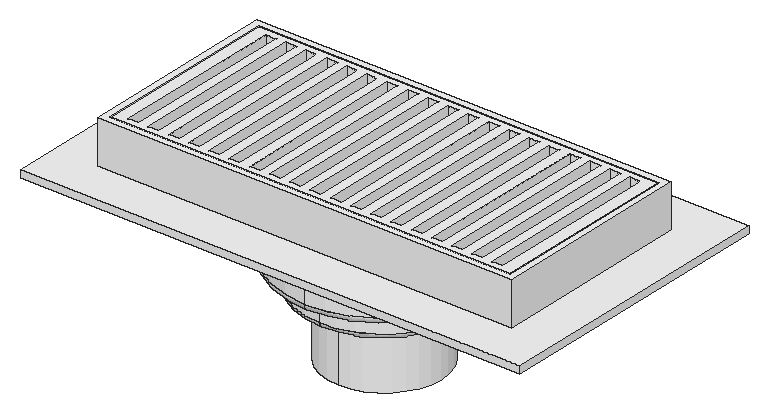
Revit family "F1760-FL", category Plumbing Fixtures, host Face, Revit 2018
Family settings
  Host = Face
  Round Connector Dimension = Use Radius
  Part Type = Normal
  Cut with Voids When Loaded = No
  Shared = No
  Room Calculation Point = No
Parameters (values of type "Pipe Size-Ø4"")
  WFU = 0
  URL = "WWW.MIFAB.COM"
  Top Assembly Adjustment = 0' - 6"
  Pipe Radius = Pipe Diameter / 2  # 0' - 2"
  Pipe Diameter = 0' - 4"
  Model = "F1760-FL"
  Manufacturer = "MIFAB"
  Floor Drain Material = Paint - Sherwin Williams Paint - #952C2A - Bellwood Red
  Description = "7\" x 15\" HEAVY DUTY GUTTER DRAIN WITH ANCHOR FLANGE"
  Default Elevation = 0' - 0"
  CWFU = 0
  Body Height = 0' - 5 3/4"
  Assembly Code = ""
Types (6): name | Top Assembly Adjustment | Pipe Radius | Pipe Diameter | Model | Description | Body Height
  (no name) | 0' - 6" | 0' - 2" | 0' - 4" | "F1760-FL" | "7\" x 15\" HEAVY DUTY GUTTER DRAIN WITH ANCHOR FLANGE" | 0' - 5 3/4"
  Pipe Size-Ø2" | 0' - 6" | 0' - 1" | 0' - 2" | "MH-F1460" | "FLOOR DRAIN WITH 16” SQUARE ADJUSTABLE TRACTOR GRATE & SIPHONIC TO GRAVITY BREAK AREA DRAIN" | 0' - 5 3/4"
  Pipe Size-Ø3" | 0' - 6" | 0' - 1 1/2" | 0' - 3" | "MH-F1460" | "FLOOR DRAIN WITH 16” SQUARE ADJUSTABLE TRACTOR GRATE & SIPHONIC TO GRAVITY BREAK AREA DRAIN" | 0' - 5 3/4"
  Pipe Size-Ø4" | 0' - 6" | 0' - 2" | 0' - 4" | "F1760-FL" | "7\" x 15\" HEAVY DUTY GUTTER DRAIN WITH ANCHOR FLANGE" | 0' - 5 3/4"
  Pipe Size-Ø5" | 0' - 6" | 0' - 2 1/2" | 0' - 5" | "MH-F1460" | "FLOOR DRAIN WITH 16” SQUARE ADJUSTABLE TRACTOR GRATE & SIPHONIC TO GRAVITY BREAK AREA DRAIN" | 0' - 5 3/4"
  Pipe Size-Ø6" | 0' - 7 1/4" | 0' - 3" | 0' - 6" | "MH-F1460" | "FLOOR DRAIN WITH 16” SQUARE ADJUSTABLE TRACTOR GRATE & SIPHONIC TO GRAVITY BREAK AREA DRAIN" | 0' - 7 1/4"
Reference planes (in)
  plane 1 "Center (Front/Back)": y = 0
  plane 2: z = 0
  plane 3 "Center (Left/Right)": x = 0
  plane 4: z = -6.5
  plane 5: y = -2
  plane 6: y = 2
  plane 7: y = -3.75
  plane 8: z = -6.5
  plane 9: x = -7.25
  plane 10: x = 7.25
  plane 11: y = 3.5
  plane 12: y = -3.5
  plane 13: z = -1.5
  plane 14: z = -1.75
Forms (in)
  Revolve 1, solid, material "Paint - Sherwin Williams Paint - #952C2A - Bellwood Red" <- "Floor Drain Material"
    sketch origin (0, 0.04396, -2.93686) x (0, 1, 0) y (0, 0, 1)
      loop
        line (-3.41489, 1.18686) -> (-3.54396, 1.18686) -> (-3.54396, -0.37297)
        arc (-3.54396, -0.37297) -> (-3.47277, -0.54483) -> (-3.30092, -0.61601) r 0.24304
        line (-3.30092, -0.61601) -> (-2.85239, -0.61601) -> (-2.85239, -1.26815)
        arc (-2.85239, -1.26815) -> (-2.8061, -1.3799) -> (-2.69435, -1.42619) r 0.15804
        line (-2.69435, -1.42619) -> (-2.04396, -1.42619) -> (-2.04396, -3.56314) -> (-1.79396, -3.56314) -> (-1.79396, -1.29729) -> (-2.72332, -1.29729) -> (-2.72332, -0.4871) -> (-3.32893, -0.4871)
        arc (-3.32893, -0.4871) -> (-3.38971, -0.46193) -> (-3.41489, -0.40114) r 0.08596
        line (-3.41489, -0.40114) -> (-3.41489, 1.18686)
      axis (-0.04396, -3.56314) -> (-0.04396, 1.18686)
    angle from 0 to 360
  Sweep 2, solid, material "Paint - Sherwin Williams Paint - #952C2A - Bellwood Red" <- "Floor Drain Material"
    path origin (0, 0, -1.21279) x (1, 0, 0) y (0, 1, 0)
      loop
        line (-7.25, -3.5) -> (7.25, -3.5) -> (7.25, 3.5) -> (-7.25, 3.5) -> (-7.25, -3.5)
    profile origin (-7.25, 0, -1.21279) x (-1, 0, 0) y (0, 0, 1)
      loop
        line (0, 1.21279) -> (-0.25, 1.21279) -> (-0.25, -0.28721) -> (0, -0.28721) -> (0, 1.21279)
  Extrusion 3, solid, material "Paint - Sherwin Williams Paint - #952C2A - Bellwood Red" <- "Floor Drain Material"
    sketch origin (0, 0, -1.21279) x (1, 0, 0) y (0, 1, 0)
      loop
        line (-8.75, 5) -> (-8.75, -5) -> (8.75, -5) -> (8.75, 5) -> (-8.75, 5)
      loop
        circle (0, 0) r 3.5
    from -0.28721 to -0.53721
Lines and regions (in)
  model lines, not visible
    curve 1: line (8.52448, 10.85077, -0.53421) -> (8.52448, 13.60077, -0.53421)
    curve 2: line (8.52448, 13.60077, -0.53421) -> (24.27448, 13.60077, -0.53421)
    curve 3: line (24.27448, 13.60077, -0.53421) -> (24.27448, 10.85077, -0.53421)
    curve 4: line (16.39948, 13.60077, -1.747) -> (16.39948, 12.35077, -1.747)
    curve 6: line (0, -6.72474, -13.28026) -> (0, -16.34974, -13.28026)
    curve 7: line (0, -16.34974, -13.28026) -> (0, -16.34974, -13.78026)
    curve 8: line (0, -6.72474, -13.28026) -> (0, -6.72474, -13.78026)
    curve 9: line (0, -11.53724, -13.28026) -> (0, -11.53724, -11.78026)
    curve 10: line (-21.7324, 36.15375, -1.21279) -> (-21.7324, 38.40375, -1.21279)
    curve 11: line (-21.7324, 38.40375, -1.21279) -> (-14.7324, 38.40375, -1.21279)
    curve 12: line (-14.7324, 38.40375, -1.21279) -> (-14.7324, 36.15375, -1.21279)
    curve 13: line (-18.2324, 38.40375, -1.21279) -> (-18.2324, 37.15375, -1.21279)
  model lines
    curve 5: line (0, 0, -3.35167) -> (0, 0, -4.35167)
Dimensions and locks (in)
  equal spacing: plane 6, plane 1 "Center (Front/Back)", plane 5
  "Pipe Diameter": plane 6 to plane 5
  "Pipe Radius": plane 1 "Center (Front/Back)" to plane 5
  plane 1 "Center (Front/Back)" to plane 7 = 0' - 3 3/4"
  Revolve 1 sketch curve to Revolve 1 sketch curve = 0' - 0.12907"
  locked: Revolve 1 sketch curve to Revolve 1 sketch curve at 0.25
  equal spacing: plane 9, plane 3 "Center (Left/Right)", plane 10
  plane 9 to plane 10 = 1' - 2 1/2"
  equal spacing: plane 11, plane 1 "Center (Front/Back)", plane 12
  plane 11 to plane 12 = 0' - 7"
  locked: plane 2 to plane 13 at 1.5
  locked: Extrusion 3 sketch curve to plane 9 at 1.5
  locked: plane 10 to Extrusion 3 sketch curve at 1.5
  locked: plane 12 to Extrusion 3 sketch curve at 1.5
  locked: Extrusion 3 sketch curve to plane 11 at 1.5
  locked: plane 13 to plane 14 at 0.25
  aligned and locked: plane 2 to host face
  aligned and locked: level to host face
  aligned and locked: Revolve 1 sketch curve to plane 5
  aligned and locked: plane 8 to Revolve 1
  aligned and locked: plane 4 to plane 8
  aligned and locked: Sweep 2 sketch curve to level
  aligned and locked: plane 9 to Sweep 2 sketch curve
  aligned and locked: Sweep 2 sketch curve to plane 11
  aligned and locked: Sweep 2 sketch curve to plane 12
  aligned and locked: Sweep 2 sketch curve to plane 10
  aligned and locked: Sweep 2 sketch curve to plane 13
  aligned and locked: Sweep 2 to Extrusion 3
  aligned and locked: plane 14 to Extrusion 3
  aligned and locked: plane 1 "Center (Front/Back)" to nested 1
  aligned and locked: plane 3 "Center (Left/Right)" to nested 1
  aligned and locked: Revolve 1 sketch curve to plane 14
  aligned and locked: Extrusion 3 sketch curve to Revolve 1  (x2)
Automatic sketch dimensions
  curve 1 to curve 2 = 1' - 3 3/4"
  host sketch curve to host sketch curve = 8' - 0"  (x2)
  curve 1 to curve 1 = 0' - 2 3/4"
  curve 3 to curve 2 = 0' - 2 3/4"
  curve 4 to curve 4 = 0' - 1 1/4"
  curve 10 to curve 12 = 0' - 7"
  curve 10 to curve 13 = 0' - 3 1/2"
  curve 13 to curve 13 = 0' - 1 1/4"
  curve 10 to curve 10 = 0' - 2 1/4"
  curve 12 to curve 11 = 0' - 2 1/4"
  curve 5 to plane 1 "Center (Front/Back)" = 0' - 0"
  plane 8 to curve 5 = 0' - 2.14833"
  curve 5 to curve 5 = 0' - 1"
  Sweep 2 sketch curve to profile plane = 0' - 0"
  Sweep 2 sketch curve to Sweep 2 sketch curve = 0' - 0 1/4"
  Revolve 1 sketch curve to plane 12 = 0' - 0"
  Revolve 1 sketch curve to plane 1 "Center (Front/Back)" = 0' - 0"
  Revolve 1 sketch curve to plane 4 = 0' - 0"
  Revolve 1 sketch curve to Revolve 1 sketch curve = 0' - 0.08596"
  Revolve 1 sketch curve to Revolve 1 sketch curve = 0' - 0.02801"
  plane 12 to Revolve 1 sketch curve = 0' - 0.69157"
  Revolve 1 sketch curve to Revolve 1 sketch curve = 0' - 0.12907"
  Revolve 1 sketch curve to Revolve 1 sketch curve = 0' - 0.02897"
  plane 14 to Revolve 1 sketch curve = 0' - 2.61305"
  Revolve 1 sketch curve to Revolve 1 sketch curve = 0' - 0 33/256"  (x2)
  Revolve 1 sketch curve to Revolve 1 sketch curve = 0' - 0.65214"
  plane 4 to Revolve 1 sketch curve = 0' - 0 5/8"
  Revolve 1 sketch curve to Revolve 1 sketch curve = 0' - 1.95271"
Nested families (in)
  nested 1: "Jali-1" at (0, 0, 0), type "Jali-1"
Connectors (in)
  piping at (0, 0, -6.5), diameter 4, driven by "Pipe Radius", driven by "WFU"
    settings: on Revolve 1, index 2, connector inside diameter 2", connector length 0' - 0", flow factor 0, pipe flow 0 GPM, pressure drop 0.00 psi, fitting loss kfactor 0, connector angle 0.00°, fixture units 0, engagement length 0' - 0", angle of deflection 0.00°, flow configuration 3, flow direction 2, fitting loss method 0, system type 16, joint type 0, gender type 0, connector reference index -1, connector utility 0, adjustable connector no, is connector primary yes, connector description "Sanitary Out"
Definition of nested family "Jali-1"
  Parameters (values of type "Jali-1")
    Material = none
    Floor Drain Material = none
  Reference planes (in)
    plane 1 "Center (Front/Back)": y = 0
    plane 2: z = 0
    plane 3 "Center (Left/Right)": x = 0
  Forms (in)
    Extrusion 1, solid, material <- "Floor Drain Material"
      sketch origin (0, 0, 0) x (1, 0, 0) y (0, 1, 0)
        loop
          line (-7, 3.25) -> (-7, -3.25) -> (7, -3.25) -> (7, 3.25) -> (-7, 3.25)
        loop
          line (6.58277, 3.0126) -> (6.19727, 3.0126) -> (6.19727, -3.01865) -> (6.58277, -3.01865) -> (6.58277, 3.0126)
        loop
          line (5.87379, 3.0126) -> (5.48829, 3.0126) -> (5.48829, -3.01865) -> (5.87379, -3.01865) -> (5.87379, 3.0126)
        loop
          line (5.16481, 3.0126) -> (4.77931, 3.0126) -> (4.77931, -3.01865) -> (5.16481, -3.01865) -> (5.16481, 3.0126)
        loop
          line (4.45583, 3.0126) -> (4.07033, 3.0126) -> (4.07033, -3.01865) -> (4.45583, -3.01865) -> (4.45583, 3.0126)
        loop
          line (3.74685, 3.0126) -> (3.36135, 3.0126) -> (3.36135, -3.01865) -> (3.74685, -3.01865) -> (3.74685, 3.0126)
        loop
          line (3.03787, 3.0126) -> (2.65237, 3.0126) -> (2.65237, -3.01865) -> (3.03787, -3.01865) -> (3.03787, 3.0126)
        loop
          line (2.32889, 3.0126) -> (1.94339, 3.0126) -> (1.94339, -3.01865) -> (2.32889, -3.01865) -> (2.32889, 3.0126)
        loop
          line (1.61991, 3.0126) -> (1.23441, 3.0126) -> (1.23441, -3.01865) -> (1.61991, -3.01865) -> (1.61991, 3.0126)
        loop
          line (0.91093, 3.0126) -> (0.52543, 3.0126) -> (0.52543, -3.01865) -> (0.91093, -3.01865) -> (0.91093, 3.0126)
        loop
          line (0.20195, 3.0126) -> (-0.18355, 3.0126) -> (-0.18355, -3.01865) -> (0.20195, -3.01865) -> (0.20195, 3.0126)
        loop
          line (-0.50703, 3.0126) -> (-0.89253, 3.0126) -> (-0.89253, -3.01865) -> (-0.50703, -3.01865) -> (-0.50703, 3.0126)
        loop
          line (-1.21601, 3.0126) -> (-1.60151, 3.0126) -> (-1.60151, -3.01865) -> (-1.21601, -3.01865) -> (-1.21601, 3.0126)
        loop
          line (-1.92499, 3.0126) -> (-2.31049, 3.0126) -> (-2.31049, -3.01865) -> (-1.92499, -3.01865) -> (-1.92499, 3.0126)
        loop
          line (-2.63397, 3.0126) -> (-3.01947, 3.0126) -> (-3.01947, -3.01865) -> (-2.63397, -3.01865) -> (-2.63397, 3.0126)
        loop
          line (-3.34295, 3.0126) -> (-3.72845, 3.0126) -> (-3.72845, -3.01865) -> (-3.34295, -3.01865) -> (-3.34295, 3.0126)
        loop
          line (-4.05193, 3.0126) -> (-4.43743, 3.0126) -> (-4.43743, -3.01865) -> (-4.05193, -3.01865) -> (-4.05193, 3.0126)
        loop
          line (-4.76091, 3.0126) -> (-5.14641, 3.0126) -> (-5.14641, -3.01865) -> (-4.76091, -3.01865) -> (-4.76091, 3.0126)
        loop
          line (-5.46989, 3.0126) -> (-5.85539, 3.0126) -> (-5.85539, -3.01865) -> (-5.46989, -3.01865) -> (-5.46989, 3.0126)
        loop
          line (-6.17887, 3.0126) -> (-6.56438, 3.0126) -> (-6.56438, -3.01865) -> (-6.17887, -3.01865) -> (-6.17887, 3.0126)
      from -0.75195 to 0
  Dimensions and locks (in)
    aligned and locked: level to plane 2
